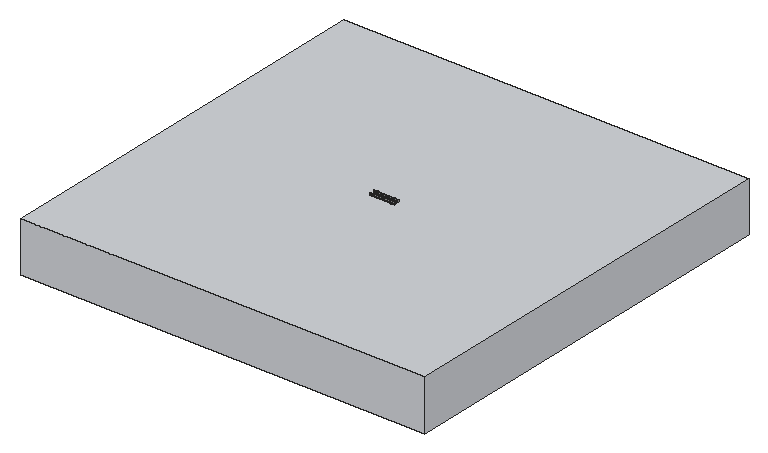
Revit family "Hekatron_Brandmeldetechnik_Konsole FM 155 F_DE_23.01", category Brandmelder, Revit 2018
Family settings
  Basisbauteil = Fläche
  Beschriftungsausrichtung beibehalten = Ja
  Bemaßung runder Anschluss = Durchmesser verwenden
  Teiletyp = Normal
  OmniClass-Nummer = 23.85.30.21
  OmniClass-Titel = Environmental Detection/Registration
  Beim Laden mit Abzugskörper schneiden = Nein
  Gemeinsam genutzt = Nein
  Raumberechnungspunkt = Nein
Parameters (values of type "Konsole FM 155 F")
  Zulassungen nach EN 54 = ""
  Zulaessige Umgebungstemperatur = ""
  Zulaessige Luftgeschwindigkeit = ""
  Width [instance] = 30 mm
  Version des BIM Objektes = "23.01"
  VdS-Anerkennung = ""
  URL = "www.hekatron-brandschutz.de"
  UB A&S Artikel Nummer = "31-4100033-01-01"
  Typenkommentare = "Konsole für Funkmodul 155 F"
  Tiefe (mm) = "15.0"
  Stromaufnahme = ""
  Schutzart = ""
  Rauchteil einstellbar = ""
  Nettogewicht (g) = "50.0"
  Montageart = ""
  Modell = "Konsole FM 155 F"
  Material = "Stahlblech"
  Link zum Datenblatt = "https://www.hekatron-brandschutz.de/fileadmin/hekatron_elo/manuell/Montageanleitung_K-155-W_FM-155-F.pdf"
  Link zu ausschreiben.de = ""
  Link zu Produktinformation = "https://www.hekatron-brandschutz.de/fileadmin/hekatron_elo/manuell/Produktinformation-Funksystem-155-F.pdf"
  Link zu Ausschreibungstext = "https://www.meinhplus.de/login"
  Leistungserklaerung (DoP) = ""
  Lautstaerke DIN-Ton (dB) = ""
  Kabeleinführung = ""
  Hoehe (mm) = "145.0"
  Hersteller = "Hekatron"
  Heigth [instance] = 145 mm
  Funktionsprinzip = ""
  Farbe = "grau "
  Ex-Zonen = ""
  Einstellung Temperaturklasse nach EN 54-5 = ""
  Einstellung Temperaturindex nach EN 54-5 = ""
  Einstellung Rauchempfindlichkeit nach EN 54-20 = ""
  Einstellen Rauchempfindlichkeit nach EN 54-7 = ""
  EG-Konformitaetszertifikat / Zertifikat der Leistungsbestaendigkeit = ""
  Durchmesser (mm) = ""
  Breite (mm) = "30.0"
  Betriebsspannung = ""
  Beschreibung = "Montagekonsole für FM 155 F"
  Depth [instance] = 15 mm
  Vorgabe-Ansicht = 1200 mm
  Bauartgenehmigungen = ""
  Anzahl Ansaugleitungen = ""
  Ansprechtemperatur = ""
  Alarm- & Empfindlichkeitsbereich = ""
Types (2, lengths in mm): name | Typenkommentare | Beschreibung
  (no name) | "Console for 155 F" | "Console for 155 F"
  Konsole FM 155 F | "Konsole für Funkmodul 155 F" | "Montagekonsole für FM 155 F"
Values of the unnamed type that differ from the named types
  Version des BIM Objektes = ""
  UB A&S Artikel Nummer = ""
  Tiefe (mm) = ""
  Nettogewicht (g) = ""
  Material = ""
  Link zum Datenblatt = ""
  Link zu Produktinformation = ""
  Link zu Ausschreibungstext = ""
  Hoehe (mm) = ""
  Farbe = ""
  Breite (mm) = ""
Reference planes
  plane 1 "Center (Front/Back)": y = 0
  plane 2: z = 0
  plane 3 "Center (Left/Right)": x = 0
Forms (mm)
  Extrusion 1, solid
    sketch origin (0, 0, 0) x (1, 0, 0) y (0, 1, 0)
      loop
        line (-1219.2, 1219.2) -> (-1219.2, -1219.2) -> (1219.2, -1219.2) -> (1219.2, 1219.2) -> (-1219.2, 1219.2)
    from 0 to -304.8
  Extrusion 2, solid, material "Stahlblech, Grey"
    sketch origin (0, 0, 0) x (0, 1, 0) y (0, 0, 1)
      loop
        line (-5, 15) -> (-13, 15)
        arc (-13, 15) -> (-14.414, 14.414) -> (-15, 13) r 2
        line (-15, 13) -> (-15, 12) -> (-14, 12) -> (-14, 13)
        arc (-14, 13) -> (-13.707, 13.707) -> (-13, 14) r 1
        line (-13, 14) -> (-5, 14) -> (-5, 15)
    from -54.5 to -45.5
  Extrusion 3, solid, material "Stahlblech, Grey"
    sketch origin (0, 0, 0) x (0, -1, 0) y (0, 0, -1)
      loop
        line (-5, -15) -> (-5, -14) -> (-13, -14)
        arc (-13, -14) -> (-13.707, -13.707) -> (-14, -13) r 1
        line (-14, -13) -> (-14, -12) -> (-15, -12) -> (-15, -13)
        arc (-15, -13) -> (-14.414, -14.414) -> (-13, -15) r 2
        line (-13, -15) -> (-5, -15)
    from 45.5 to 54.5
  Extrusion 4, solid, material "Stahlblech, Grey"
    sketch origin (0, 0, 0) x (0, 1, 0) y (0, 0, 1)
      loop
        line (15, 13) -> (14, 13) -> (14, 2)
        arc (14, 2) -> (13.707, 1.293) -> (13, 1) r 1
        line (13, 1) -> (-13, 1)
        arc (-13, 1) -> (-13.707, 1.293) -> (-14, 2) r 1
        line (-14, 2) -> (-14, 13) -> (-15, 13) -> (-15, 2)
        arc (-15, 2) -> (-14.484, 0.655) -> (-13.2, 0) r 2.011
        line (-13.2, 0) -> (13.2, 0)
        arc (13.2, 0) -> (14.484, 0.655) -> (15, 2) r 2.011
        line (15, 2) -> (15, 13)
    from -72.5 to 72.5
  Extrusion 5, void
    sketch origin (0, 0, 0) x (1, 0, 0) y (0, 0, 1)
      loop
        line (-69.5, 9) -> (-69.5, 4) -> (-2.5, 4) -> (-2.5, 9) -> (-69.5, 9)
      loop
        line (2.5, 4) -> (69.5, 4) -> (69.5, 9) -> (2.5, 9) -> (2.5, 4)
    from -15 to 15
  Extrusion 6, solid, material "Stahlblech, Grey"
    sketch origin (0, 0, 0) x (0, 1, 0) y (0, 0, 1)
      loop
        line (-5, 5.16) -> (-5.574, 5.979) -> (-12.426, 1.181)
        arc (-12.426, 1.181) -> (-12.797, 1.021) -> (-13.2, 1.02) r 1
        line (-13.2, 1.02) -> (-13.2, 0)
        arc (-13.2, 0) -> (-12.615, 0.024) -> (-12.062, 0.215) r 2.011
        line (-12.062, 0.215) -> (-5, 5.16)
      loop
        line (5, 5.16) -> (12.062, 0.215)
        arc (12.062, 0.215) -> (12.615, 0.024) -> (13.2, 0) r 2.011
        line (13.2, 0) -> (13.2, 1.02)
        arc (13.2, 1.02) -> (12.797, 1.021) -> (12.426, 1.181) r 1
        line (12.426, 1.181) -> (5.574, 5.979) -> (5, 5.16)
    from -63.5 to 63.5
  Extrusion 7, solid, material "Stahlblech, Grey"
    sketch origin (0, 0, 0) x (1, 0, 0) y (0, 1, 0)
      loop
        circle (27.987, 0) r 1.2
      loop
        circle (27.987, 0) r 2.25
      loop
        circle (-40.025, 0) r 1.2
      loop
        circle (-40.025, 0) r 2.25
    from 1 to 2.5
  Extrusion 8, void
    sketch origin (0, 0, 0) x (1, 0, 0) y (0, 1, 0)
      loop
        line (-54.5, -5) -> (-54.5, -7)
        arc (-54.5, -7) -> (-53.914, -5.586) -> (-52.5, -5) r 2
        line (-52.5, -5) -> (-54.5, -5)
      loop
        line (-45.5, -5) -> (-47.5, -5)
        arc (-47.5, -5) -> (-46.086, -5.586) -> (-45.5, -7) r 2
        line (-45.5, -7) -> (-45.5, -5)
    from 13 to 15
  Extrusion 9, void
    sketch origin (0, 0, 0) x (-1, 0, 0) y (0, -1, 0)
      loop
        line (-54.5, -5) -> (-54.5, -7)
        arc (-54.5, -7) -> (-53.914, -5.586) -> (-52.5, -5) r 2
        line (-52.5, -5) -> (-54.5, -5)
      loop
        line (-45.5, -5) -> (-47.5, -5)
        arc (-47.5, -5) -> (-46.086, -5.586) -> (-45.5, -7) r 2
        line (-45.5, -7) -> (-45.5, -5)
    from 13 to 15
  Extrusion 10, void
    sketch origin (0, 0, 0) x (1, 0, 0) y (0, 1, 0)
      loop
        circle (50, 9) r 2.1
      loop
        circle (-50, -9) r 2.1
    from 12 to 15
  Extrusion 11, solid, material "Stahlblech, Grey"
    sketch origin (0, 0, 0) x (0, 1, 0) y (0, 0, 1)
      loop
        line (15, 15) -> (14, 15) -> (14, 13) -> (15, 13) -> (15, 15)
    from -52 to -48
  Extrusion 12, solid, material "Stahlblech, Grey"
    sketch origin (0, 0, 0) x (0, -1, 0) y (0, 0, -1)
      loop
        line (15, -15) -> (15, -13) -> (14, -13) -> (14, -15) -> (15, -15)
    from 48 to 52
  Extrusion 13, void
    sketch origin (0, 0, 0) x (1, 0, 0) y (0, 1, 0)
      loop
        line (65, -1.5) -> (63, -1.5) -> (63, -4) -> (-63, -4) -> (-63, -1.5) -> (-65, -1.5) -> (-65, -12.062) -> (65, -12.062) -> (65, -1.5)
      loop
        line (65, 1.5) -> (65, 12.062) -> (-65, 12.062) -> (-65, 1.5) -> (-63, 1.5) -> (-63, 4) -> (63, 4) -> (63, 1.5) -> (65, 1.5)
    from 0 to 1
Cuts and joins
  Extrusion 5, Extrusion 8, Extrusion 10, Extrusion 13 cuts Extrusion 4
  Extrusion 8, Extrusion 10, Extrusion 13 cuts Extrusion 2
  Extrusion 8, Extrusion 10 cuts Extrusion 6
  Extrusion 9, Extrusion 10, Extrusion 13 cuts Extrusion 3
Dimensions and locks
  "Heigth": cut or joined group of Extrusion 4, Extrusion 5, Extrusion 8, Extrusion 10, Extrusion 13 to cut or joined group of Extrusion 4, Extrusion 5, Extrusion 8, Extrusion 10, Extrusion 13
  "Width": cut or joined group of Extrusion 4, Extrusion 5, Extrusion 8, Extrusion 10, Extrusion 13 to cut or joined group of Extrusion 4, Extrusion 5, Extrusion 8, Extrusion 10, Extrusion 13
  "Depth": cut or joined group of Extrusion 3, Extrusion 9, Extrusion 10, Extrusion 13 to Extrusion 1
  aligned and locked: plane 2 to Extrusion 1
  aligned and locked: level to Extrusion 1
  aligned and locked: Extrusion 11 sketch curve to cut or joined group of Extrusion 4, Extrusion 5, Extrusion 8, Extrusion 10, Extrusion 13
Automatic sketch dimensions
  Extrusion 1 sketch curve to Extrusion 1 sketch curve = 2438.4 mm  (x2)
  Extrusion 2 sketch curve to Extrusion 2 sketch curve = 0 mm  (x2)
  plane 1 "Center (Front/Back)" to Extrusion 2 sketch curve = 15 mm
  Extrusion 2 sketch curve to Extrusion 2 sketch curve = 1 mm  (x3)
  plane 1 "Center (Front/Back)" to Extrusion 2 sketch curve = 5 mm
  level to Extrusion 2 sketch curve = 12 mm
  Extrusion 3 sketch curve to Extrusion 3 sketch curve = 0 mm  (x2)
  plane 1 "Center (Front/Back)" to Extrusion 3 sketch curve = 15 mm
  Extrusion 3 sketch curve to Extrusion 3 sketch curve = 1 mm  (x3)
  plane 1 "Center (Front/Back)" to Extrusion 3 sketch curve = 5 mm
  Extrusion 3 sketch curve to level = 12 mm
  Extrusion 4 sketch curve to level = 0 mm
  plane 1 "Center (Front/Back)" to Extrusion 4 sketch curve = 15 mm
  Extrusion 4 sketch curve to Extrusion 4 sketch curve = 1 mm  (x3)
  Extrusion 4 sketch curve to Extrusion 4 sketch curve = 0.8 mm
  Extrusion 4 sketch curve to Extrusion 4 sketch curve = 0.011 mm  (x2)
  level to Extrusion 4 sketch curve = 2 mm
  Extrusion 4 sketch curve to plane 1 "Center (Front/Back)" = 12.989 mm
  Extrusion 4 sketch curve to Extrusion 4 sketch curve = 0.2 mm
  level to Extrusion 4 sketch curve = 1 mm
  Extrusion 4 sketch curve to Extrusion 4 sketch curve = 11 mm  (x2)
  level to Extrusion 5 sketch curve = 4 mm  (x2)
  Extrusion 5 sketch curve to plane 3 "Center (Left/Right)" = 69.5 mm
  Extrusion 5 sketch curve to plane 3 "Center (Left/Right)" = 2.5 mm
  plane 3 "Center (Left/Right)" to Extrusion 5 sketch curve = 2.5 mm
  level to Extrusion 5 sketch curve = 9 mm
  Extrusion 5 sketch curve to Extrusion 5 sketch curve = 67 mm
  Extrusion 5 sketch curve to Extrusion 5 sketch curve = 5 mm
  Extrusion 6 sketch curve to level = 0 mm  (x2)
  level to Extrusion 6 sketch curve = 1.02 mm
  plane 1 "Center (Front/Back)" to Extrusion 6 sketch curve = 13.2 mm
  Extrusion 6 sketch curve to Extrusion 6 sketch curve = 0.2 mm
  Extrusion 6 sketch curve to Extrusion 6 sketch curve = 0.011 mm  (x2)
  level to Extrusion 6 sketch curve = 1.181 mm  (x2)
  Extrusion 6 sketch curve to Extrusion 6 sketch curve = 0.774 mm  (x2)
  level to Extrusion 6 sketch curve = 0.215 mm  (x2)
  Extrusion 6 sketch curve to Extrusion 6 sketch curve = 0.364 mm  (x2)
  plane 1 "Center (Front/Back)" to Extrusion 6 sketch curve = 5.574 mm
  Extrusion 6 sketch curve to Extrusion 6 sketch curve = 0.574 mm  (x2)
  Extrusion 6 sketch curve to plane 1 "Center (Front/Back)" = 5 mm
  Extrusion 6 sketch curve to Extrusion 6 sketch curve = 7.062 mm
  Extrusion 6 sketch curve to Extrusion 6 sketch curve = 0.562 mm
  Extrusion 6 sketch curve to Extrusion 6 sketch curve = 0.161 mm
  Extrusion 7 sketch curve to Extrusion 7 sketch curve = 0 mm  (x4)
  plane 1 "Center (Front/Back)" to Extrusion 7 sketch curve = 0 mm  (x2)
  Extrusion 7 sketch curve to plane 3 "Center (Left/Right)" = 40.025 mm
  plane 3 "Center (Left/Right)" to Extrusion 7 sketch curve = 27.987 mm
  plane 1 "Center (Front/Back)" to Extrusion 8 sketch curve = 5 mm
  Extrusion 8 sketch curve to plane 3 "Center (Left/Right)" = 54.5 mm
  Extrusion 8 sketch curve to Extrusion 8 sketch curve = 2 mm  (x4)
  Extrusion 8 sketch curve to Extrusion 8 sketch curve = 5 mm
  Extrusion 8 sketch curve to Extrusion 8 sketch curve = 0 mm  (x7)
  Extrusion 9 sketch curve to plane 1 "Center (Front/Back)" = 5 mm
  plane 3 "Center (Left/Right)" to Extrusion 9 sketch curve = 54.5 mm
  Extrusion 9 sketch curve to Extrusion 9 sketch curve = 2 mm  (x4)
  Extrusion 9 sketch curve to Extrusion 9 sketch curve = 5 mm
  Extrusion 9 sketch curve to Extrusion 9 sketch curve = 0 mm  (x7)
  plane 1 "Center (Front/Back)" to Extrusion 10 sketch curve = 9 mm
  Extrusion 10 sketch curve to plane 3 "Center (Left/Right)" = 50 mm
  Extrusion 10 sketch curve to plane 1 "Center (Front/Back)" = 9 mm
  plane 3 "Center (Left/Right)" to Extrusion 10 sketch curve = 50 mm
  Extrusion 11 sketch curve to plane 1 "Center (Front/Back)" = 14 mm
  Extrusion 11 sketch curve to Extrusion 11 sketch curve = 1 mm
  Extrusion 11 sketch curve to Extrusion 11 sketch curve = 2 mm
  Extrusion 12 sketch curve to plane 1 "Center (Front/Back)" = 14 mm
  Extrusion 12 sketch curve to Extrusion 12 sketch curve = 1 mm
  Extrusion 12 sketch curve to level = 13 mm
  Extrusion 12 sketch curve to Extrusion 12 sketch curve = 2 mm
  plane 1 "Center (Front/Back)" to Extrusion 13 sketch curve = 1.5 mm  (x2)
  Extrusion 13 sketch curve to plane 3 "Center (Left/Right)" = 65 mm
  Extrusion 13 sketch curve to plane 1 "Center (Front/Back)" = 1.5 mm  (x2)
  Extrusion 13 sketch curve to Extrusion 13 sketch curve = 0 mm  (x2)
  Extrusion 13 sketch curve to Extrusion 13 sketch curve = 2 mm  (x4)
  plane 3 "Center (Left/Right)" to Extrusion 13 sketch curve = 63 mm
  Extrusion 13 sketch curve to Extrusion 13 sketch curve = 2.5 mm  (x2)
  Extrusion 13 sketch curve to Extrusion 13 sketch curve = 8.062 mm  (x2)
  radius of Extrusion 7 sketch curve = 1.2 mm  (x2)
  radius of Extrusion 7 sketch curve = 2.25 mm  (x2)
  radius of Extrusion 10 sketch curve = 2.1 mm  (x2)
